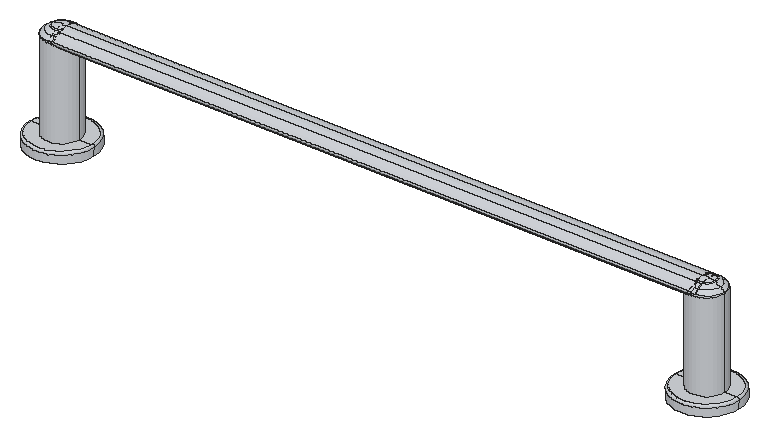
Revit family "Accessory-Towel_Bar-KOHLER-KUMIN-K-97878T", category Specialty Equipment, host Face, Revit 2017
Family settings
  Host = Face
  Round Connector Dimension = Use Diameter
  Part Type = Normal
  OmniClass Number = 23.31.25.25
  OmniClass Title = Towel Bars
  Cut with Voids When Loaded = No
  Shared = No
  Room Calculation Point = No
Parameters (values of type "CP- Polished chrome")
  Width = 19 103/128"  # constant formula
  WaterSense Certified = 1 = 0  # no
  URL = "http://www.kohler.com.cn/en/"
  Type = 1
  Product Page URL = "https://www.kohler.com.cn/en/product/K-97878T-CP/K-97878T-CP/"
  Product Name = "KUMIN"  # constant formula
  Product Documentation Link = ""
  Model = if(Type = 1, "K-97878T-CP", if(Type = 2, "K-97878T-BL", "NA"))  # "K-97878T-CP"
  Material = "Metal construction"  # constant formula
  Master Format 2014 Name = "Toilet, Bath, and Laundry Accessories"  # constant formula
  Master Format 2014 = "10 28 00"  # constant formula
  Manufacturer Address = "Kohler Beijing Office (100016)\n36-2-03-B, No. 88, Liuxiang Road, Beijing"  # constant formula
  Manufacturer = "KOHLER Co."  # constant formula
  Length = 2 127/128"  # constant formula
  Height = 1 13/16"  # constant formula
  Finish = Kohler-Metal-CP-Polished_Chrome
  Environmental Product Declaration = ""
  Description = "18-inch towel bar"  # constant formula
  Default Elevation = 42"
  Declare Label = ""
  Date Modified = "07/20/2020"  # constant formula
  Date Created = "07/20/2020"  # constant formula
  Copyright = "Copyright KOHLER Co."  # constant formula
  Contact Us = "http://www.kohler.com.cn/en/contact/contact-us/"
  Assembly Code = "C1030200"
  ADA Compliant = 1 = 0  # no
Types (3): name | Type | Product Page URL | Model | Finish
  (no name) | 1 | "https://www.kohler.com.cn/en/product/K-97878T-CP/K-97878T-CP/" | "K-97878T-CP" | Kohler-Metal-CP-Polished_Chrome
  CP- Polished chrome | 1 | "https://www.kohler.com.cn/en/product/K-97878T-CP/K-97878T-CP/" | "K-97878T-CP" | Kohler-Metal-CP-Polished_Chrome
  BL- Matte Black | 2 | "https://www.kohler.com.cn/en/product/K-97878T-CP/K-97878T-BL/" | "K-97878T-BL" | Kohler-Metal-BL-Matte_Black
Reference planes (in)
  plane 1 "Center (Front/Back)": y = 0
  plane 2: z = 0
  plane 3 "Center (Left/Right)": x = 0
  plane 4: x = 9.90311
  plane 5: x = 8.99606
  plane 6: x = -9.90157
  plane 7: x = -8.99606
  plane 8: y = 0.90551
  plane 9: y = -0.90699
  plane 10: z = 2.99219
  plane 11: x = 8.09055
  plane 12: x = -8.09055
Dimensions and locks (in)
  "Width": plane 6 to plane 4
  locked: plane 7 to plane 5 at 17.99213
  plane 6 to plane 3 "Center (Left/Right)" to plane 4 = 9.90157", 9.90311"
  "Height": plane 8 to plane 9
  "Length": plane 10 to level
  aligned and locked: plane 2 to host face
  aligned and locked: level to host face
Automatic sketch dimensions
  host sketch curve to host sketch curve = 96"  (x2)
Nested families (in)
  nested 1: "K-97878T" at (0, 0, 0), type "K-97878T"
Definition of nested family "K-97878T"
  Parameters (values of type "K-97878T")
    Material = none
  Reference planes (in)
    plane 1 "Center (Front/Back)": y = 0
    plane 2: z = 0
    plane 3 "Center (Left/Right)": x = 0
    plane 4: x = 8.99606
    plane 5: x = -8.99606
    plane 6: z = 2.99213
    plane 7: x = 9.90157
    plane 8: x = 8.09055
    plane 9: x = -8.09055
    plane 10: x = -9.90157
  Forms (in)
    Revolve 1, solid, material <- "Material", detail levels medium+fine
      sketch origin (0, 0, 0) x (1, 0, 0) y (0, 0, 1)
        loop
          line (8.99606, 0) -> (9.90157, 0) -> (9.90157, 0.21654)
          arc (9.90157, 0.21654) -> (9.88428, 0.25829) -> (9.84252, 0.27559) r 0.05906
          line (9.84252, 0.27559) -> (9.48819, 0.27559) -> (9.48819, 2.73826)
          arc (9.48819, 2.73826) -> (9.48534, 2.75467) -> (9.47713, 2.76917) r 0.0487
          arc (9.47713, 2.76917) -> (9.43005, 2.82065) -> (9.37777, 2.86684) r 0.65527
          arc (9.37777, 2.86684) -> (9.3161, 2.90917) -> (9.24923, 2.94268) r 0.54559
          arc (9.24923, 2.94268) -> (9.23079, 2.9502) -> (9.21221, 2.9574) r 1.14608
          arc (9.21221, 2.9574) -> (9.10591, 2.9861) -> (8.99606, 2.99366) r 0.56577
          line (8.99606, 2.99366) -> (8.99606, 0)
        axis (8.99606, 2.99366) -> (8.99606, 0)
      angle from 0 to 360
    Extrusion 2, solid, material <- "Material", detail levels medium+fine
      sketch origin (0, 0, -0.00615) x (0, 1, 0) y (0, 0, 1)
        loop
          arc (0, 2.99213) -> (-0.13, 2.97897) -> (-0.25538, 2.94215) r 0.70845
          arc (-0.25538, 2.94215) -> (-0.36747, 2.87905) -> (-0.4587, 2.78839) r 0.47862
          arc (-0.4587, 2.78839) -> (-0.47089, 2.75005) -> (-0.45583, 2.71275) r 0.05933
          arc (-0.45583, 2.71275) -> (-0.40064, 2.65853) -> (-0.33892, 2.61187) r 0.59943
          arc (-0.33892, 2.61187) -> (-0.17691, 2.53691) -> (0, 2.51299) r 0.59943
          arc (0, 2.51299) -> (0.18062, 2.54135) -> (0.34626, 2.61876) r 0.65186
          arc (0.34626, 2.61876) -> (0.40438, 2.66215) -> (0.45654, 2.71255) r 0.57192
          arc (0.45654, 2.71255) -> (0.47265, 2.75255) -> (0.45868, 2.79335) r 0.06181
          arc (0.45868, 2.79335) -> (0.38907, 2.86292) -> (0.30708, 2.91734) r 0.49497
          arc (0.30708, 2.91734) -> (0.15819, 2.97382) -> (0, 2.99213) r 0.64521
      from -8.98915 to 9.05015
    Revolve 3, solid, material <- "Material", detail levels medium+fine
      sketch origin (0, 0, 0) x (-1, 0, 0) y (0, 0, 1)
        loop
          line (8.99606, 0) -> (9.90157, 0) -> (9.90157, 0.21654)
          arc (9.90157, 0.21654) -> (9.88428, 0.25829) -> (9.84252, 0.27559) r 0.05906
          line (9.84252, 0.27559) -> (9.48819, 0.27559) -> (9.48819, 2.73826)
          arc (9.48819, 2.73826) -> (9.48534, 2.75467) -> (9.47713, 2.76917) r 0.0487
          arc (9.47713, 2.76917) -> (9.43005, 2.82065) -> (9.37777, 2.86684) r 0.65527
          arc (9.37777, 2.86684) -> (9.3161, 2.90917) -> (9.24923, 2.94268) r 0.54559
          arc (9.24923, 2.94268) -> (9.23079, 2.9502) -> (9.21221, 2.9574) r 1.14608
          arc (9.21221, 2.9574) -> (9.10591, 2.9861) -> (8.99606, 2.99366) r 0.56577
          line (8.99606, 2.99366) -> (8.99606, 0)
        axis (8.99606, 2.99366) -> (8.99606, 0)
      angle from 0 to 360
    Revolve 4, solid, material <- "Material", detail levels coarse
      sketch origin (0, 0, 0) x (1, 0, 0) y (0, 0, 1)
        loop
          line (9.48819, 2.99213) -> (8.99606, 2.99213) -> (8.99606, 0) -> (9.90157, 0) -> (9.90157, 0.27559) -> (9.48819, 0.27559) -> (9.48819, 2.99213)
        axis (8.99606, 2.99213) -> (8.99606, 0)
      angle from -90 to 270
    Revolve 5, solid, material <- "Material", detail levels coarse
      sketch origin (0, 0, 0) x (-1, 0, 0) y (0, 0, 1)
        loop
          line (9.48819, 2.99213) -> (8.99606, 2.99213) -> (8.99606, 0) -> (9.90157, 0) -> (9.90157, 0.27559) -> (9.48819, 0.27559) -> (9.48819, 2.99213)
        axis (8.99606, 2.99213) -> (8.99606, 0)
      angle from -90 to 270
    Extrusion 6, solid, material <- "Material", detail levels coarse
      sketch origin (0, 0, 0) x (1, 0, 0) y (0, 0, 1)
        loop
          line (8.99606, 2.99213) -> (-8.93781, 2.99213) -> (-8.93781, 2.50677) -> (8.99606, 2.50677) -> (8.99606, 2.99213)
      from -0.47573 to 0.47607
  Cuts and joins
    joined: Revolve 4, Revolve 5, Extrusion 6
  Lines and regions (in)
    Masking region 1
      outline origin (0, 0, 0) x (1, 0, 0) y (0, 1, 0)
        loop
          arc (-8.22472, 0.47433) -> (-9.90157, 0.00001) -> (-8.22474, -0.47435) r 0.90551
          line (-8.22474, -0.47435) -> (0, -0.47435) -> (8.22474, -0.47435)
          arc (8.22474, -0.47435) -> (9.90157, 0.00001) -> (8.22472, 0.47433) r 0.90551
          line (8.22472, 0.47433) -> (0, 0.47433) -> (-8.22472, 0.47433)
    Masking region 2
      outline origin (0, 0, 0) x (1, 0, 0) y (0, 0, 1)
        loop
          line (9.90157, 0) -> (9.90157, 0.21663)
          arc (9.90157, 0.21663) -> (9.8843, 0.25832) -> (9.84261, 0.27559) r 0.05897
          line (9.84261, 0.27559) -> (9.48819, 0.27559) -> (9.48819, 2.73446)
          arc (9.48819, 2.73446) -> (9.48596, 2.75068) -> (9.47944, 2.76569) r 0.06008
          arc (9.47944, 2.76569) -> (9.37475, 2.86881) -> (9.24801, 2.94317) r 0.5958
          arc (9.24801, 2.94317) -> (9.16203, 2.97357) -> (9.07239, 2.9903) r 0.5877
          arc (9.07239, 2.9903) -> (9.03424, 2.99167) -> (8.99606, 2.99213) r 1.5967
          line (8.99606, 2.99213) -> (-8.99606, 2.99213)
          arc (-8.99606, 2.99213) -> (-9.03424, 2.99167) -> (-9.07239, 2.9903) r 1.5967
          arc (-9.07239, 2.9903) -> (-9.16203, 2.97357) -> (-9.24801, 2.94317) r 0.5877
          arc (-9.24801, 2.94317) -> (-9.3734, 2.86984) -> (-9.47732, 2.76836) r 0.5958
          arc (-9.47732, 2.76836) -> (-9.48539, 2.75379) -> (-9.48819, 2.73738) r 0.04958
          line (-9.48819, 2.73738) -> (-9.48819, 0.27559) -> (-9.84261, 0.27559)
          arc (-9.84261, 0.27559) -> (-9.8843, 0.25832) -> (-9.90157, 0.21663) r 0.05897
          line (-9.90157, 0.21663) -> (-9.90157, 0) -> (-8.09055, 0) -> (-8.09055, 0.21663)
          arc (-8.09055, 0.21663) -> (-8.10782, 0.25832) -> (-8.14952, 0.27559) r 0.05897
          line (-8.14952, 0.27559) -> (-8.50394, 0.27559) -> (-8.50394, 2.13498)
          arc (-8.50394, 2.13498) -> (-8.39504, 2.39787) -> (-8.13215, 2.50677) r 0.37179
          line (-8.13215, 2.50677) -> (8.13215, 2.50677)
          arc (8.13215, 2.50677) -> (8.39504, 2.39787) -> (8.50394, 2.13498) r 0.37179
          line (8.50394, 2.13498) -> (8.50394, 0.27559) -> (8.14952, 0.27559)
          arc (8.14952, 0.27559) -> (8.10782, 0.25832) -> (8.09055, 0.21663) r 0.05897
          line (8.09055, 0.21663) -> (8.09055, 0) -> (9.90157, 0)
    Masking region 3
      outline origin (0, 0, 0) x (0, 1, 0) y (0, 0, 1)
        loop
          line (-0.49213, 0.27559) -> (-0.84638, 0.27559)
          arc (-0.84638, 0.27559) -> (-0.88819, 0.25827) -> (-0.90551, 0.21646) r 0.05913
          line (-0.90551, 0.21646) -> (-0.90551, 0) -> (0, 0) -> (0.90551, 0) -> (0.90551, 0.21646)
          arc (0.90551, 0.21646) -> (0.88819, 0.25827) -> (0.84638, 0.27559) r 0.05913
          line (0.84638, 0.27559) -> (0.49213, 0.27559) -> (0.49213, 2.73876)
          arc (0.49213, 2.73876) -> (0.4894, 2.75451) -> (0.48153, 2.76841) r 0.04676
          arc (0.48153, 2.76841) -> (0.38972, 2.85936) -> (0.28118, 2.9295) r 0.62558
          arc (0.28118, 2.9295) -> (0.14454, 2.97856) -> (0, 2.99213) r 0.57959
          arc (0, 2.99213) -> (-0.14454, 2.97856) -> (-0.28118, 2.9295) r 0.57959
          arc (-0.28118, 2.9295) -> (-0.38972, 2.85936) -> (-0.48153, 2.76841) r 0.62558
          arc (-0.48153, 2.76841) -> (-0.4894, 2.75451) -> (-0.49213, 2.73876) r 0.04676
          line (-0.49213, 2.73876) -> (-0.49213, 0.27559)
    symbolic lines, detail levels medium+fine
      curve 1: line (-8.22472, 0.47433, 0) -> (-8.59607, 0.47433, 0)
      curve 2: line (-8.59607, 0.47433, 0) -> (-8.99606, 0.49213, 0)
      curve 3: arc (-8.99606, 0.49213, 0) -> (-9.34405, 0.34799, 0) -> (-9.48819, 0, 0) r 0.49213
      curve 4: line (-8.22472, -0.47433, 0) -> (-8.59607, -0.47433, 0)
      curve 5: line (-8.59607, -0.47433, 0) -> (-8.99606, -0.49213, 0)
      curve 6: arc (-8.99606, -0.49213, 0) -> (-9.34405, -0.34799, 0) -> (-9.48819, 0, 0) r 0.49213
      curve 7: line (8.22472, 0.47433, 0) -> (8.59607, 0.47433, 0)
      curve 8: line (8.59607, 0.47433, 0) -> (8.99606, 0.49213, 0)
      curve 9: arc (8.99606, 0.49213, 0) -> (9.34405, 0.34799, 0) -> (9.48819, 0, 0) r 0.49213
      curve 10: line (8.22472, -0.47433, 0) -> (8.64264, -0.47433, 0)
      curve 11: arc (8.99606, -0.49213, 0) -> (9.34405, -0.34799, 0) -> (9.48819, 0, 0) r 0.49213
      curve 12: line (8.99606, -0.49213, 0) -> (8.72324, -0.47839, 0)
      curve 13: line (8.72324, -0.47839, 0) -> (8.64264, -0.47433, 0)
      curve 14: line (-8.22472, 0.45899, 0) -> (-8.59689, 0.45899, 0)
      curve 15: line (-8.59689, 0.45899, 0) -> (-8.9964, 0.47677, 0)
      curve 16: arc (-8.9964, 0.47677, 0) -> (-9.33331, 0.33701, 0) -> (-9.47283, 0, 0) r 0.47677
      curve 17: arc (-8.9964, -0.47677, 0) -> (-9.33331, -0.33701, 0) -> (-9.47283, 0, 0) r 0.47677
      curve 18: line (-8.22472, -0.45899, 0) -> (-8.59689, -0.45899, 0)
      curve 19: line (-8.59689, -0.45899, 0) -> (-8.9964, -0.47677, 0)
      curve 20: line (8.22472, -0.45897, 0) -> (8.64303, -0.45897, 0)
      curve 21: line (8.72401, -0.46305, 0) -> (8.64303, -0.45897, 0)
      curve 22: line (8.99645, -0.47677, 0) -> (8.72401, -0.46305, 0)
      curve 23: arc (8.99645, -0.47677, 0) -> (9.33333, -0.33699, 0) -> (9.47283, 0, 0) r 0.47677
      curve 24: arc (8.99645, 0.47677, 0) -> (9.33333, 0.33699, 0) -> (9.47283, 0, 0) r 0.47677
      curve 25: line (8.22472, 0.45897, 0) -> (8.64303, 0.45897, 0)
      curve 26: line (8.72401, 0.46305, 0) -> (8.64303, 0.45897, 0)
      curve 27: line (8.99645, 0.47677, 0) -> (8.72401, 0.46305, 0)
      curve 28: line (8.22472, 0.45897, 0) -> (-8.22784, 0.45897, 0)
      curve 29: line (8.22472, -0.45897, 0) -> (-8.22784, -0.45897, 0)
      curve 30: line (-8.99606, 0.49213, 0) -> (-8.99606, -0.49213, 0)
      curve 31: line (-7.75591, 0.47433, 0) -> (-7.75591, -0.47435, 0)
      curve 32: line (8.99606, 0.49213, 0) -> (8.99606, -0.49213, 0)
      curve 33: line (7.75591, 0.47433, 0) -> (7.75591, -0.47435, 0)
      curve 34: arc (-8.3052, 0.47433, 0) -> (-9.24438, 0.80039, 0) -> (-9.83408, 0, 0) r 0.83802
      curve 35: arc (-8.3052, -0.47433, 0) -> (-9.24438, -0.80039, 0) -> (-9.83408, 0, 0) r 0.83802
      curve 36: arc (8.3052, -0.47433, 0) -> (9.24438, -0.80039, 0) -> (9.83408, 0, 0) r 0.83802
      curve 37: arc (8.3052, 0.47433, 0) -> (9.24438, 0.80039, 0) -> (9.83408, 0, 0) r 0.83802
      curve 38: line (9.47325, 0, 2.77285) -> (8.98921, 0, 2.77285)
      curve 39: line (9.48819, 0, 2.73532) -> (8.9808, 0, 2.73532)
      curve 40: line (-9.48819, 0, 0.27559) -> (-8.50394, 0, 0.27559)
      curve 41: line (-9.90003, 0, 0.22835) -> (-8.0921, 0, 0.22835)
      curve 42: line (8.09209, 0, 0.22835) -> (9.90003, 0, 0.22835)
      curve 43: arc (8.98921, 0, 2.77285) -> (8.79295, 0, 2.78964) -> (8.59607, 0, 2.7956) r 3.57678
      curve 44: arc (8.9808, 0, 2.73532) -> (8.96532, 0, 2.73575) -> (8.94989, 0, 2.73702) r 0.28224
      curve 45: arc (8.94989, 0, 2.73702) -> (8.77321, 0, 2.7225) -> (8.59605, 0, 2.71621) r 3.80986
      curve 46: line (8.59605, 0, 2.71621) -> (-0.02243, 0, 2.71621)
      curve 47: line (8.59607, 0, 2.7956) -> (-0.03439, 0, 2.7956)
      curve 48: arc (8.95684, 0, 2.77637) -> (8.94648, 0, 2.75774) -> (8.95209, 0, 2.73718) r 0.02822
      curve 49: line (8.59607, 0, 2.7956) -> (8.59607, 0, 2.71621)
      curve 50: arc (8.59607, 0, 2.71621) -> (8.32409, 0, 2.62581) -> (8.06336, 0, 2.50677) r 2.66911
      curve 51: arc (8.95209, 0, 2.73718) -> (8.84648, 0, 2.65637) -> (8.76554, 0, 2.55085) r 0.50638
      curve 52: arc (8.76554, 0, 2.55085) -> (8.70652, 0, 2.45112) -> (8.65161, 0, 2.34907) r 2.84104
      curve 53: arc (8.65161, 0, 2.34907) -> (8.57962, 0, 2.21348) -> (8.50394, 0, 2.07992) r 5.58035
      curve 54: line (-9.47325, 0, 2.77285) -> (-8.98921, 0, 2.77285)
      curve 55: line (-9.48819, 0, 2.73532) -> (-8.9808, 0, 2.73532)
      curve 56: arc (-8.98921, 0, 2.77285) -> (-8.79295, 0, 2.78964) -> (-8.59607, 0, 2.7956) r 3.57678
      curve 57: arc (-8.9808, 0, 2.73532) -> (-8.96532, 0, 2.73575) -> (-8.94989, 0, 2.73702) r 0.28224
      curve 58: arc (-8.94989, 0, 2.73702) -> (-8.77321, 0, 2.7225) -> (-8.59605, 0, 2.71621) r 3.80986
      curve 59: line (-8.59605, 0, 2.71621) -> (-0.02243, 0, 2.71621)
      curve 60: line (-8.59607, 0, 2.7956) -> (-0.03439, 0, 2.7956)
      curve 61: arc (-8.95684, 0, 2.77637) -> (-8.94648, 0, 2.75774) -> (-8.95209, 0, 2.73718) r 0.02822
      curve 62: line (-8.59607, 0, 2.7956) -> (-8.59607, 0, 2.71621)
      curve 63: arc (-8.59607, 0, 2.71621) -> (-8.32409, 0, 2.62581) -> (-8.06336, 0, 2.50677) r 2.66911
      curve 64: arc (-8.95209, 0, 2.73718) -> (-8.84648, 0, 2.65637) -> (-8.76554, 0, 2.55085) r 0.50638
      curve 65: arc (-8.76554, 0, 2.55085) -> (-8.70652, 0, 2.45112) -> (-8.65161, 0, 2.34907) r 2.84104
      curve 66: arc (-8.65161, 0, 2.34907) -> (-8.57962, 0, 2.21348) -> (-8.50394, 0, 2.07992) r 5.58035
      curve 67: line (9.48819, 0, 0.27559) -> (8.50394, 0, 0.27559)
      curve 68: line (8.99606, 0, 2.73532) -> (8.99606, 0, 2.99213)
      curve 69: line (7.75591, 0, 2.99213) -> (7.75591, 0, 2.50677)
      curve 70: line (-8.99606, 0, 2.73532) -> (-8.99606, 0, 2.99213)
      curve 71: line (-7.75591, 0, 2.99213) -> (-7.75591, 0, 2.50677)
      curve 72: line (0, -0.49213, 0.27559) -> (0, 0.49213, 0.27559)
      curve 73: line (0, -0.90551, 0.21646) -> (0, 0.90551, 0.21646)
      curve 74: line (0, -0.49213, 2.73876) -> (0, 0.49213, 2.73876)
      curve 75: line (0, 0.48153, 2.76841) -> (0, -0.48153, 2.76841)
  Dimensions and locks (in)
    plane 5 to plane 4 = 17.99213"
    level to plane 6 = 2.99213"
    plane 8 to plane 7 = 1.81102"
    aligned and locked: plane 2 to level
  Automatic sketch dimensions
    curve 3 to curve 6 = 0"  (x2)
    curve 3 to curve 16 = 0"  (x2)
    curve 3 to curve 17 = 0"  (x2)
    curve 3 to curve 34 = 0"  (x2)
    curve 3 to curve 35 = 0"  (x2)
    curve 6 to curve 16 = 0"  (x2)
    curve 6 to curve 17 = 0"  (x2)
    curve 6 to curve 34 = 0"  (x2)
    curve 6 to curve 35 = 0"  (x2)
    curve 9 to curve 11 = 0"  (x2)
    curve 9 to curve 23 = 0"  (x2)
    curve 9 to curve 24 = 0"  (x2)
    curve 9 to curve 36 = 0"  (x2)
    curve 9 to curve 37 = 0"  (x2)
    curve 11 to curve 23 = 0"  (x2)
    curve 11 to curve 24 = 0"  (x2)
    curve 11 to curve 36 = 0"  (x2)
    curve 11 to curve 37 = 0"  (x2)
    curve 16 to curve 17 = 0"  (x2)
    curve 16 to curve 34 = 0"  (x2)
    curve 16 to curve 35 = 0"  (x2)
    curve 17 to curve 34 = 0"  (x2)
    curve 17 to curve 35 = 0"  (x2)
    curve 23 to curve 24 = 0"  (x2)
    curve 23 to curve 36 = 0"  (x2)
    curve 23 to curve 37 = 0"  (x2)
    curve 24 to curve 36 = 0"  (x2)
    curve 24 to curve 37 = 0"  (x2)
    curve 34 to curve 35 = 0"  (x2)
    curve 36 to curve 37 = 0"  (x2)
    plane 1 "Center (Front/Back)" to curve 35 = 0"
    curve 5 to plane 5 = 0"
    plane 1 "Center (Front/Back)" to curve 11 = 0"
    curve 11 to plane 4 = 0"
    curve 19 to plane 5 = 0.00034"
    curve 15 to plane 5 = 0.00034"
    plane 5 to curve 15 = 0.39918"
    plane 5 to curve 18 = 0.39918"
    curve 18 to curve 4 = 0.00082"
    curve 14 to curve 2 = 0.00082"
    plane 8 to curve 20 = 0.13417"
    plane 8 to curve 28 = 0.13417"
    curve 25 to curve 7 = 0.37135"
    plane 4 to curve 13 = 0.35342"
    curve 7 to curve 26 = 0.04696"
    curve 10 to curve 21 = 0.00039"
    curve 10 to curve 12 = 0.08059"
    curve 12 to curve 22 = 0.00077"
    curve 25 to curve 27 = 0.08098"
    curve 27 to plane 4 = 0.00038"
    curve 22 to plane 4 = 0.00038"
    plane 1 "Center (Front/Back)" to curve 29 = 0.45897"
    curve 19 to curve 29 = 0.00002"
    curve 22 to curve 20 = 0.00408"
    curve 10 to curve 20 = 0.01535"
    curve 4 to curve 18 = 0.01533"
    curve 22 to curve 21 = 0.01372"
    curve 19 to curve 18 = 0.01778"
    curve 13 to curve 21 = 0.01533"
    curve 5 to curve 19 = 0.01535"
    curve 12 to curve 22 = 0.01535"
    curve 25 to curve 27 = 0.0178"
    curve 28 to curve 15 = 0.00002"
    curve 25 to curve 27 = 0.00408"
    curve 25 to curve 7 = 0.01535"
    curve 14 to curve 2 = 0.01533"
    plane 10 to curve 34 = 0.06749"
    curve 34 to curve 28 = 0.07736"
    curve 35 to curve 29 = 0.07736"
    curve 29 to curve 4 = 0.00312"
    curve 28 to curve 1 = 0.00312"
    curve 29 to curve 18 = 0.00312"
    curve 28 to curve 14 = 0.00312"
    curve 31 to plane 9 = 0.33465"
    curve 33 to plane 8 = 0.33465"
    curve 7 to curve 25 = 0"
    curve 10 to curve 20 = 0"
    curve 10 to curve 36 = 0.08047"
    curve 31 to curve 4 = 0.00002"
    curve 33 to curve 10 = 0.00002"
    curve 31 to curve 1 = 0"
    curve 33 to curve 7 = 0"
    level to curve 73 = 0.21646"
    plane 1 "Center (Front/Back)" to curve 73 = 0.90551"
    curve 73 to curve 72 = 0.41339"
    plane 1 "Center (Front/Back)" to curve 74 = 0.49213"
    curve 74 to curve 75 = 0.0106"
    curve 75 to plane 6 = 0.22372"
    curve 75 to plane 1 "Center (Front/Back)" = 0.48153"
    curve 75 to curve 74 = 0.0106"
    curve 72 to plane 1 "Center (Front/Back)" = 0.49213"
    curve 72 to curve 73 = 0.41339"
    level to curve 72 = 0.27559"
    curve 74 to curve 75 = 0.02965"
    curve 70 to plane 5 = 0"
    curve 71 to plane 6 = 0"
    curve 69 to plane 6 = 0"
    plane 4 to curve 68 = 0"
    curve 70 to plane 6 = 0"
    curve 68 to plane 6 = 0"
    curve 64 to plane 5 = 0.20826"
    level to curve 63 = 0.14178"
    curve 63 to plane 5 = 0.30464"
    curve 65 to plane 10 = 1.27885"
    plane 5 to curve 54 = 0.00686"
    plane 5 to curve 57 = 0.01526"
    curve 55 to curve 61 = 0.00631"
    curve 61 to curve 60 = 0.37842"
    curve 62 to curve 59 = 0"
    plane 5 to curve 56 = 0.40976"
    plane 5 to curve 58 = 0.44654"
    curve 66 to plane 3 "Center (Left/Right)" = 3.68727"
    curve 60 to plane 3 "Center (Left/Right)" = 0.03439"
    curve 59 to plane 3 "Center (Left/Right)" = 0.02243"
    plane 3 "Center (Left/Right)" to curve 53 = 3.68727"
    plane 4 to curve 45 = 0.44654"
    plane 4 to curve 43 = 0.40976"
    plane 4 to curve 46 = 0.40001"
    curve 45 to curve 49 = 0"  (x2)
    plane 4 to curve 48 = 0.02157"
    plane 4 to curve 44 = 0.01526"
    plane 4 to curve 38 = 0.00686"
    curve 51 to plane 4 = 0.20826"
    level to curve 50 = 0.14178"
    curve 50 to plane 4 = 0.30464"
    curve 52 to plane 7 = 1.27885"
    curve 43 to level = 0.78116"
    curve 56 to level = 0.78116"
    level to curve 52 = 1.05423"
    level to curve 65 = 1.05423"
    curve 51 to plane 6 = 0.69403"
    curve 64 to plane 6 = 0.69403"
    curve 59 to plane 6 = 0.27592"
    curve 59 to curve 62 = 0"
    curve 39 to curve 68 = 0.2568"
    curve 55 to curve 70 = 0.2568"
    curve 55 to curve 61 = 0.01903"
    curve 44 to curve 48 = 0.01903"
    curve 48 to curve 38 = 0.0185"
    plane 6 to curve 44 = 0.02543"
    plane 6 to curve 57 = 0.02543"
    plane 6 to curve 53 = 1.90559"
    plane 6 to curve 66 = 1.90559"
    plane 6 to curve 45 = 3.53365"
    plane 6 to curve 58 = 3.53365"
    plane 10 to curve 54 = 0.42832"
    curve 55 to curve 54 = 0.01494"
    curve 40 to curve 63 = 3/16"
    plane 10 to curve 41 = 0.00154"
    curve 61 to curve 61 = 0.01765"
    curve 61 to curve 57 = 0.0022"
    plane 5 to curve 65 = 0.23052"
    curve 64 to curve 65 = 0.11394"
    plane 9 to curve 40 = 0.41339"
    curve 66 to curve 66 = 0.14767"
    plane 9 to curve 41 = 0.00155"
    curve 63 to plane 9 = 0.02719"
    curve 63 to curve 71 = 0.30746"
    curve 69 to plane 8 = 0.33465"
    curve 50 to plane 8 = 0.02719"
    plane 8 to curve 42 = 0.00154"
    plane 8 to curve 53 = 0.41339"
    plane 8 to curve 67 = 0.41339"
    curve 53 to curve 52 = 0.14767"
    plane 4 to curve 52 = 0.23052"
    curve 45 to curve 48 = 0.0022"
    curve 48 to curve 48 = 0.01765"
    plane 7 to curve 38 = 0.42832"
    curve 50 to curve 67 = 3/16"
    curve 38 to curve 39 = 0.01494"
    plane 7 to curve 42 = 0.00154"
    level to curve 42 = 0.22835"
    level to curve 41 = 0.22835"
    curve 63 to curve 40 = 0.13381"
    level to curve 67 = 0.27559"
    curve 71 to curve 63 = 0"
    curve 69 to curve 50 = 0"
    plane 4 to Revolve 1 sketch curve = 0"  (x2)
    Revolve 1 sketch curve to level = 0"
    plane 7 to Revolve 1 sketch curve = 0"
    plane 4 to Revolve 1 sketch curve = 0.02537"
    plane 4 to Revolve 1 sketch curve = 0.1888"
    Revolve 1 sketch curve to plane 4 = 0.01624"
    Revolve 1 sketch curve to Revolve 1 sketch curve = 0.02653"
    Revolve 1 sketch curve to plane 4 = 0.44342"
    level to Revolve 1 sketch curve = 0.27559"
    plane 7 to Revolve 1 sketch curve = 0.41339"
    Revolve 1 sketch curve to Revolve 1 sketch curve = 0.05906"
    Revolve 1 sketch curve to Revolve 1 sketch curve = 0"  (x4)
    Revolve 1 sketch curve to plane 6 = 1.10688"
    Revolve 1 sketch curve to Revolve 1 sketch curve = 0.46809"
    Revolve 1 sketch curve to Revolve 1 sketch curve = 0.07478"
    Revolve 1 sketch curve to Revolve 1 sketch curve = 0.01117"
    Revolve 1 sketch curve to plane 6 = 0.25386"
    plane 6 to Revolve 1 sketch curve = 0.00154"
    Revolve 1 sketch curve to Revolve 1 sketch curve = 0.08473"
    Revolve 1 sketch curve to Revolve 1 sketch curve = 0.27457"
    Extrusion 2 sketch curve to Extrusion 2 sketch curve = 0"  (x8)
    Extrusion 2 sketch curve to plane 1 "Center (Front/Back)" = 0"  (x2)
    plane 1 "Center (Front/Back)" to Extrusion 2 sketch curve = 0.00902"
    plane 1 "Center (Front/Back)" to Extrusion 2 sketch curve = 0.00981"
    plane 1 "Center (Front/Back)" to Extrusion 2 sketch curve = 0.07876"
    plane 1 "Center (Front/Back)" to Extrusion 2 sketch curve = 0.4116"
    Extrusion 2 sketch curve to plane 1 "Center (Front/Back)" = 0.00551"
    Extrusion 2 sketch curve to plane 1 "Center (Front/Back)" = 0.00605"
    Extrusion 2 sketch curve to plane 1 "Center (Front/Back)" = 0.03386"
    Extrusion 2 sketch curve to plane 1 "Center (Front/Back)" = 0.07573"
    Extrusion 2 sketch curve to plane 1 "Center (Front/Back)" = 0.41086"
    Extrusion 2 sketch curve to plane 6 = 0.71457"
    Extrusion 2 sketch curve to Extrusion 2 sketch curve = 0.06324"
    Extrusion 2 sketch curve to Extrusion 2 sketch curve = 17/128"
    Extrusion 2 sketch curve to Extrusion 2 sketch curve = 0.01755"
    Extrusion 2 sketch curve to Extrusion 2 sketch curve = 0.18985"
    Extrusion 2 sketch curve to Extrusion 2 sketch curve = 0.16315"
    plane 6 to Extrusion 2 sketch curve = 0.09953"
    Extrusion 2 sketch curve to Extrusion 2 sketch curve = 0.01454"
    Extrusion 2 sketch curve to Extrusion 2 sketch curve = 0.05242"
    Extrusion 2 sketch curve to Extrusion 2 sketch curve = 0.07268"
    Extrusion 2 sketch curve to Extrusion 2 sketch curve = 0.04423"
    plane 1 "Center (Front/Back)" to Masking region 1 sketch curve = 0"  (x2)
    Masking region 1 sketch curve to plane 5 = 0"
    Masking region 1 sketch curve to plane 3 "Center (Left/Right)" = 0"  (x2)
    Masking region 1 sketch curve to plane 4 = 0"
    plane 9 to Masking region 1 sketch curve = 0.13419"
    plane 9 to Masking region 1 sketch curve = 0.13417"
    plane 8 to Masking region 1 sketch curve = 0.13417"
    plane 1 "Center (Front/Back)" to Masking region 1 sketch curve = 0.47435"
    Masking region 2 sketch curve to level = 0"  (x2)
    Masking region 2 sketch curve to plane 10 = 0"
    Masking region 2 sketch curve to plane 5 = 0"
    plane 9 to Masking region 2 sketch curve = 0"
    Masking region 2 sketch curve to plane 8 = 0"
    plane 4 to Masking region 2 sketch curve = 0"
    plane 7 to Masking region 2 sketch curve = 0"
    Masking region 2 sketch curve to plane 6 = 0"
    plane 10 to Masking region 2 sketch curve = 0.05897"
    plane 10 to Masking region 2 sketch curve = 0.41339"
    Masking region 2 sketch curve to Masking region 2 sketch curve = 0.04958"
    Masking region 2 sketch curve to plane 5 = 0.01612"
    Masking region 2 sketch curve to Masking region 2 sketch curve = 0.00249"  (x2)
    plane 9 to Masking region 2 sketch curve = 0.41339"
    plane 9 to Masking region 2 sketch curve = 0.05897"
    plane 9 to Masking region 2 sketch curve = 0.0416"
    plane 8 to Masking region 2 sketch curve = 0.0416"
    Masking region 2 sketch curve to Masking region 2 sketch curve = 0.05897"
    Masking region 2 sketch curve to Masking region 2 sketch curve = 0.37179"
    Masking region 2 sketch curve to plane 4 = 0.01363"
    Masking region 2 sketch curve to plane 4 = 0.43204"
    Masking region 2 sketch curve to Masking region 2 sketch curve = 0.06008"
    plane 7 to Masking region 2 sketch curve = 0.05897"
    Masking region 2 sketch curve to Masking region 2 sketch curve = 0.21663"
    level to Masking region 2 sketch curve = 0.21663"  (x3)
    Masking region 2 sketch curve to Masking region 2 sketch curve = 1.11983"  (x2)
    Masking region 2 sketch curve to plane 6 = 0.85715"
    Masking region 2 sketch curve to Masking region 2 sketch curve = 0.26105"  (x2)
    Masking region 2 sketch curve to Masking region 2 sketch curve = 0.00992"  (x2)
    Masking region 2 sketch curve to Masking region 2 sketch curve = 0.25766"
    Masking region 2 sketch curve to plane 6 = 0.25475"
    Masking region 2 sketch curve to Masking region 2 sketch curve = 0"
    Masking region 2 sketch curve to plane 6 = 0.04896"  (x2)
    Masking region 2 sketch curve to plane 6 = 0.00183"
    Revolve 3 sketch curve to plane 5 = 0"  (x2)
    Revolve 3 sketch curve to level = 0"
    Revolve 3 sketch curve to plane 10 = 0"
    Revolve 3 sketch curve to plane 5 = 0.02537"
    Revolve 3 sketch curve to plane 5 = 0.1888"
    plane 5 to Revolve 3 sketch curve = 0.01624"
    Revolve 3 sketch curve to Revolve 3 sketch curve = 0.02653"
    plane 5 to Revolve 3 sketch curve = 0.44342"
    Revolve 3 sketch curve to level = 0.27559"
    Revolve 3 sketch curve to plane 10 = 0.41339"
    Revolve 3 sketch curve to Revolve 3 sketch curve = 0.05906"
    Revolve 3 sketch curve to Revolve 3 sketch curve = 0"  (x4)
    plane 6 to Revolve 3 sketch curve = 1.10688"
    Revolve 3 sketch curve to Revolve 3 sketch curve = 0.46809"
    Revolve 3 sketch curve to Revolve 3 sketch curve = 0.07478"
    Revolve 3 sketch curve to Revolve 3 sketch curve = 0.01117"
    plane 6 to Revolve 3 sketch curve = 0.25386"
    Revolve 3 sketch curve to plane 6 = 0.00154"
    Revolve 3 sketch curve to Revolve 3 sketch curve = 0.08473"
    Revolve 3 sketch curve to Revolve 3 sketch curve = 0.27457"
    Masking region 3 sketch curve to level = 0"
    Masking region 3 sketch curve to plane 1 "Center (Front/Back)" = 0"  (x2)
    Masking region 3 sketch curve to plane 6 = 0"
    plane 1 "Center (Front/Back)" to Masking region 3 sketch curve = 0.00229"
    plane 1 "Center (Front/Back)" to Masking region 3 sketch curve = 0.01855"
    plane 1 "Center (Front/Back)" to Masking region 3 sketch curve = 0.44536"
    plane 1 "Center (Front/Back)" to Masking region 3 sketch curve = 0.49213"
    level to Masking region 3 sketch curve = 0.21646"  (x2)
    Masking region 3 sketch curve to Masking region 3 sketch curve = 0.35425"  (x2)
    Masking region 3 sketch curve to Masking region 3 sketch curve = 0.05913"  (x2)
    Masking region 3 sketch curve to plane 1 "Center (Front/Back)" = 0.00229"
    Masking region 3 sketch curve to plane 1 "Center (Front/Back)" = 0.01855"
    Masking region 3 sketch curve to plane 1 "Center (Front/Back)" = 0.44536"
    Masking region 3 sketch curve to plane 1 "Center (Front/Back)" = 0.49213"
    Masking region 3 sketch curve to plane 6 = 0.62029"
    Masking region 3 sketch curve to Masking region 3 sketch curve = 0"  (x6)
    Masking region 3 sketch curve to Masking region 3 sketch curve = 0.041"
    Masking region 3 sketch curve to Masking region 3 sketch curve = 0.19074"
    Masking region 3 sketch curve to plane 6 = 0.25336"
    plane 4 to Revolve 4 sketch curve = 0"  (x2)
    Revolve 4 sketch curve to level = 0"
    Revolve 4 sketch curve to plane 6 = 0"
    plane 7 to Revolve 4 sketch curve = 0"
    plane 7 to Revolve 4 sketch curve = 0.41339"
    level to Revolve 4 sketch curve = 0.27559"
    Revolve 4 sketch curve to plane 6 = 0.98392"
    Revolve 4 sketch curve to Revolve 4 sketch curve = 0.39403"
    Revolve 5 sketch curve to plane 5 = 0"  (x2)
    Revolve 5 sketch curve to level = 0"
    Revolve 5 sketch curve to plane 6 = 0"
    Revolve 5 sketch curve to plane 10 = 0"
    Revolve 5 sketch curve to Revolve 5 sketch curve = 0.41339"
    Revolve 5 sketch curve to level = 0.27559"
    plane 6 to Revolve 5 sketch curve = 0.98392"
    Revolve 5 sketch curve to Revolve 5 sketch curve = 0.39403"
    plane 5 to Extrusion 6 sketch curve = 0.05825"
    plane 4 to Extrusion 6 sketch curve = 0"
    Extrusion 6 sketch curve to plane 6 = 0"
    Extrusion 6 sketch curve to plane 6 = 0.48536"
